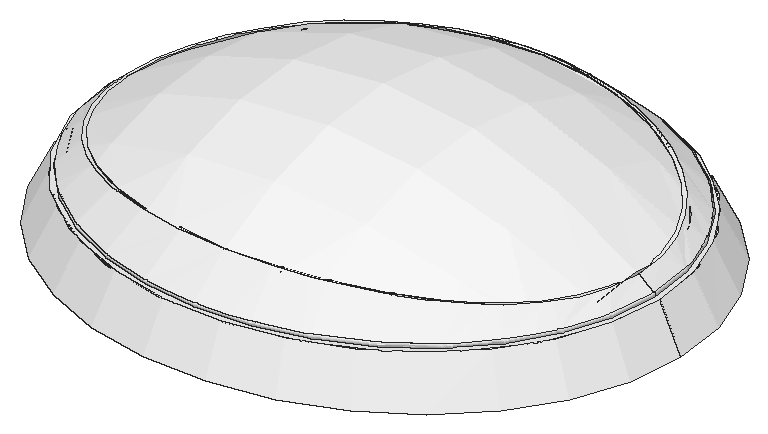
Revit family "4063811 Feilo Sylvania Lighting Fixtures BRIO IP65VR LED 4K SIL G2", category Lighting Fixtures, host Face, Revit 2017
Family settings
  Host = Face
  Round Connector Dimension = Use Diameter
  Part Type = Normal
  OmniClass Number = 23.80.70.00
  OmniClass Title = Lighting
  Cut with Voids When Loaded = No
  Light Source = Yes
  Shared = No
  Room Calculation Point = No
Parameters (values of type "4063811 BRIO IP65VR LED 4K SIL G2 High Output High Output")
  Weight = "3.0 kg"
  Wattage Comments = "n/a"
  Wattage = 17 W
  WarrantyStartDate [instance] = "n/a"
  WarrantyGuarantorParts = "n/a"
  WarrantyDurationUnit = "n/a"
  WarrantyDurationParts = "n/a"
  WarrantyDescription = "n/a"
  built-in parameter 1150110 = 1 (stored number, unit not read)
  Voltage = 230 V
  URL = "http://www.sylvania-lighting.com"
  TypeName = "BRIO IP65VR LED 4K SIL G2"
  Type Image = <None>
  Type Comments = "n/a"
  built-in parameter 1114217 = 1 (stored number, unit not read)
  Tilt Angle = -90.00°
  built-in parameter 1150109 = 1 (stored number, unit not read)
  built-in parameter 1150134 = 12
  built-in parameter 1150113 = 1 (stored number, unit not read)
  SerialNumber [instance] = "n/a"
  ReflectorMaterial = none
  PowerFactor = 0.98
  PowerConsumption = "17 W"
  Photometric Web File = "4063811-HO.ies"
  NominalLength = 104 mm
  NominalHeight = 440 mm
  NominalDepth = 390 mm
  Name = "BRIO IP65VR LED 4K SIL G2"
  ModelReference = Name  # "BRIO IP65VR LED 4K SIL G2"
  ModelNumber = "4063811"
  Model = Name  # "BRIO IP65VR LED 4K SIL G2"
  Material = "aluminium body, polycarbonate diffuser"
  ManufacturerName = "Feilo Sylvania"
  Manufacturer = "Feilo Sylvania"
  LuminousEfficacy = "81 lm/W"
  built-in parameter 1150105 = 109.58 (stored number, unit not read)
  Lumens = 1377 lm
  LuminaireType = ""
  built-in parameter 1150115 = 1 (stored number, unit not read)
  LightOutputRatio = "100"
  built-in parameter 1150137 = (empty or 0)
  built-in parameter 1150139 = (empty or 0)
  LampsType = Lamp  # "LED"
  LampNominalLuminous = "1371 lm"
  LampMacAdamStep = "n/a"
  LampColourTemperature = "4000 K"
  LampColourRenderingIndex = "80"
  built-in parameter 1150112 = 1 (stored number, unit not read)
  built-in parameter 1150114 = 1 (stored number, unit not read)
  Lamp = "LED"
  Keynote = "16500"
  InstallationDate [instance] = "n/a"
  InputVoltage = "230-240V~"
  InputNominalFrequency = "50/60 Hz"
  built-in parameter 1150132 = (empty or 0)
  built-in parameter 1150102 = (empty or 0)
  built-in parameter 1150107 = 4000 (stored number, unit not read)
  built-in parameter 1150138 = (empty or 0)
  IngressProtection = "IP65"
  ImpactProtectionIndex = "IK10"
  built-in parameter 1150106 = 1.0958 (stored number, unit not read)
  IfcExportType = "IfcLightFixtureType"
  IfcExportAs = "IfcLightFixtureType"
  ExpectedLife = 50000
  Emit from Circle Diameter = 300 mm
  Emit Shape Visible in Rendering = no
  ElectricShockClassification = "Class I"
  built-in parameter 1150104 = 7.5251 (stored number, unit not read)
  DurationUnit = "hours"
  DocumentationLiterature = "http://www.sylvania-lighting.com/product/en-int/products/4063811"
  DimmingControlOptions = "n/a"
  Dimming Lamp Color Temperature Shift = <None>
  DiffuserMaterial = Diffuser-Sylvania-BrioIP65VR-Opal
  Description = "Led exterior bulkhead, Unique feature allowing a choice between High Output or High Efficiency with the flick of a switch, die-cast aluminium body,  vandal resistant, 717/1371LM, 9/17W, 80/81lm/W, 4000K, Driver Current: 350/750mA, CRI80, Non dimmable, IP55,IK10, 50,000hrs (L70), (HxWxD) 358 x 408 x 104mm,  3kg, 3 step MacAdam ellipse,  RAL 9006, Class 1, 230V,  energy class: A++, A+, A"
  Default Elevation = 1219.2 mm
  CreatedOn = "23/11/2017"
  CreatedBy = ""
  Cost = 0
  Color Filter = 16777215
  built-in parameter 1114216 [instance] = (empty or 0)
  ClassificationValue = "EF_70_80"
  ClassificationName = "Uniclass2015"
  BodyMaterial = Body-Sylvania-BrioIP65VR-Silver
  BarCode [instance] = "n/a"
  built-in parameter 1114218 = 1 (stored number, unit not read)
  built-in parameter 1150133 = 10 (stored number, unit not read)
  AssetType = "Fixed"
  AssetIdentifier [instance] = "n/a"
  Assembly Code = "D5020200"
  Apparent Load = 17 VA
  AccessoryMaterial = none
Types (2, lengths in mm): name | Wattage | PowerConsumption | Photometric Web File | built-in parameter 1150105 | Lumens | LampNominalLuminous | built-in parameter 1150106 | Apparent Load
  4063811 BRIO IP65VR LED 4K SIL G2 High Output High Output | 17 W | "17 W" | "4063811-HO.ies" | 109.58 (stored number, unit not read) | 1377 lm | "1371 lm" | 1.0958 (stored number, unit not read) | 17 VA
  4063811 BRIO IP65VR LED 4K SIL G2 High Efficiency High Efficiency | 9 W | "9 W" | "4063811-HE.ies" | 58.012 (stored number, unit not read) | 729 lm | "717 lm" | 0.58012 (stored number, unit not read) | 9 VA
Reference planes
  plane 1 "Center (Front/Back)": y = 0
  plane 2: z = 0
  plane 3 "Center (Left/Right)": x = 0
  plane 4: x = 220
  plane 5: x = -220
  plane 6: y = 195
  plane 7: y = -195
  plane 8: z = 104
  plane 9: z = 32.5
  plane 10: z = 60
  plane 11: x = -172.7
  plane 12: x = -203.7
  plane 13: z = 45
  plane 14: y = -147.7
  plane 15: y = 147.7
  plane 16: z = 58.9
  plane 17: y = 146.8
  plane 18: y = -146.8
  plane 19: y = -148.7
  plane 20: y = 148.7
  plane 21: x = -193.7
Forms (mm)
  Blend 1, solid, material "Body-Sylvania-BrioIP65VR-Silver" <- "BodyMaterial"
    base sketch origin (0, 0, 0) x (1, 0, 0) y (0, 1, 0)
      loop
        spline (-220, 0) -> (-212.504, -50.47) -> (-190.526, -97.5) -> (-155.563, -137.886) -> (-110, -168.875) -> (-56.94, -188.356) -> (0, -195) -> (56.94, -188.356) -> (110, -168.875) -> (155.563, -137.886) -> (190.526, -97.5) -> (212.504, -50.47) -> (220, 0)
        spline (220, 0) -> (212.504, 50.47) -> (190.526, 97.5) -> (155.563, 137.886) -> (110, 168.875) -> (56.94, 188.356) -> (0, 195) -> (-56.94, 188.356) -> (-110, 168.875) -> (-155.563, 137.886) -> (-190.526, 97.5) -> (-212.504, 50.47) -> (-220, 0)
    top sketch origin (0, 0, 0) x (1, 0, 0) y (0, 1, 0)
      loop
        spline (-203.75, 0) -> (-196.807, -46.329) -> (-176.453, -89.5) -> (-144.073, -126.572) -> (-101.875, -155.019) -> (-52.734, -172.901) -> (0, -179) -> (52.734, -172.901) -> (101.875, -155.019) -> (144.073, -126.572) -> (176.453, -89.5) -> (196.807, -46.329) -> (203.75, 0)
        spline (203.75, 0) -> (196.807, 46.329) -> (176.453, 89.5) -> (144.073, 126.572) -> (101.875, 155.019) -> (52.734, 172.901) -> (0, 179) -> (-52.734, 172.901) -> (-101.875, 155.019) -> (-144.073, 126.572) -> (-176.453, 89.5) -> (-196.807, 46.329) -> (-203.75, 0)
    from 0 to 32.5
  Sweep 2, solid, material "Body-Sylvania-BrioIP65VR-Silver" <- "BodyMaterial"
    path in 3D
      loop
        spline (203.75, 0, 32.5) -> (196.807, -46.329, 32.5) -> (176.453, -89.5, 32.5) -> (144.073, -126.572, 32.5) -> (101.875, -155.019, 32.5) -> (52.734, -172.901, 32.5) -> (0, -179, 32.5) -> (-52.734, -172.901, 32.5) -> (-101.875, -155.019, 32.5) -> (-144.073, -126.572, 32.5) -> (-176.453, -89.5, 32.5) -> (-196.807, -46.329, 32.5) -> (-203.75, 0, 32.5)
        spline (-203.75, 0, 32.5) -> (-196.807, 46.329, 32.5) -> (-176.453, 89.5, 32.5) -> (-144.073, 126.572, 32.5) -> (-101.875, 155.019, 32.5) -> (-52.734, 172.901, 32.5) -> (0, 179, 32.5) -> (52.734, 172.901, 32.5) -> (101.875, 155.019, 32.5) -> (144.073, 126.572, 32.5) -> (176.453, 89.5, 32.5) -> (196.807, 46.329, 32.5) -> (203.75, 0, 32.5)
    profile origin (-203.75, 0, 32.5) x (-1, 0, 0) y (0, 0, 1)
      loop
        line (-31.05, 27.5) -> (-32.113, 26.437) -> (-10.05, 6.897) -> (-10.05, 1.5) -> (-31.05, 1.5) -> (-31.05, 0) -> (-5.172, 0)
        arc (-5.172, 0) -> (-3.338, 1.266) -> (-3.872, 3.429) r 1.961
        line (-3.872, 3.429) -> (-31.05, 27.5)
  Extrusion 3, void
    sketch origin (0, 0, 0) x (0, 1, 0) y (0, 0, 1)
      loop
        arc (-148.7, 60) -> (0, 45) -> (148.7, 60) r 744.556
        line (148.7, 60) -> (-148.7, 60)
    from -220 to 220
  Sweep 4, solid, material "Diffuser-Sylvania-BrioIP65VR-Opal" <- "DiffuserMaterial"
    path in 3D
      loop
        arc (0, 146.8, 58.9) -> (0, 0, 104) -> (0, -146.8, 58.9) r 261.466
    profile origin (0, 0, 104) x (0, 0, -1) y (1, 0, 0)
      loop
        line (59, -187.374) -> (61.459, -185.655)
        arc (61.459, -185.655) -> (3, 0) -> (61.459, 185.655) r 324.034
        line (61.459, 185.655) -> (59, 187.374)
        arc (59, 187.374) -> (0, 0) -> (59, -187.374) r 327.034
  Extrusion 5, void
    sketch origin (0, 0, 0) x (1, 0, 0) y (0, 1, 0)
      loop
        spline (-193.7, 0) -> (-187.1, -38.486) -> (-167.749, -74.35) -> (-136.967, -105.147) -> (-96.85, -128.778) -> (-50.133, -143.633) -> (0, -148.7) -> (50.133, -143.633) -> (96.85, -128.778) -> (136.967, -105.147) -> (167.749, -74.35) -> (187.1, -38.486) -> (193.7, 0)
        spline (193.7, 0) -> (187.1, 38.486) -> (167.749, 74.35) -> (136.967, 105.147) -> (96.85, 128.778) -> (50.133, 143.633) -> (0, 148.7) -> (-50.133, 143.633) -> (-96.85, 128.778) -> (-136.967, 105.147) -> (-167.749, 74.35) -> (-187.1, 38.486) -> (-193.7, 0)
      loop
        line (-203.7, 195) -> (-203.7, -195) -> (220, -195) -> (220, 195) -> (-203.7, 195)
    from 0 to 60
Cuts and joins
  Extrusion 3 cuts Sweep 2
  Extrusion 5 cuts Sweep 4
Lines and regions (mm)
  sketch lines
    curve 1: spline (-203.75, 0, 32.5) -> (-196.807, 46.329, 32.5) -> (-176.453, 89.5, 32.5) -> (-144.073, 126.572, 32.5) -> (-101.875, 155.019, 32.5) -> (-52.734, 172.901, 32.5) -> (0, 179, 32.5) -> (52.734, 172.901, 32.5) -> (101.875, 155.019, 32.5) -> (144.073, 126.572, 32.5) -> (176.453, 89.5, 32.5) -> (196.807, 46.329, 32.5) -> (203.75, 0, 32.5)
    curve 2: spline (203.75, 0, 32.5) -> (196.807, -46.329, 32.5) -> (176.453, -89.5, 32.5) -> (144.073, -126.572, 32.5) -> (101.875, -155.019, 32.5) -> (52.734, -172.901, 32.5) -> (0, -179, 32.5) -> (-52.734, -172.901, 32.5) -> (-101.875, -155.019, 32.5) -> (-144.073, -126.572, 32.5) -> (-176.453, -89.5, 32.5) -> (-196.807, -46.329, 32.5) -> (-203.75, 0, 32.5)
    curve 4: arc (0, 146.8, 58.9) -> (0, 0, 104) -> (0, -146.8, 58.9) r 261.466
  reference lines
    curve 3: arc (0, 146.8, 58.9) -> (0, 0, 104) -> (0, -146.8, 58.9) r 261.466
Dimensions and locks
  equal spacing: plane 5, plane 3 "Center (Left/Right)", plane 4
  locked: plane 5 to plane 4 at 440
  equal spacing: plane 7, plane 1 "Center (Front/Back)", plane 6
  locked: plane 7 to plane 6 at 390
  locked: plane 8 to plane 2 at 104
  plane 9 to plane 2 = 32.5 mm
  locked: Blend 1 sketch curve to Blend 1 sketch curve at 195
  locked: Blend 1 sketch curve to Blend 1 sketch curve at 220
  locked: Blend 1 sketch curve to Blend 1 sketch curve at 203.75
  locked: Blend 1 sketch curve to Blend 1 sketch curve at 179
  locked: plane 10 to plane 9 at 27.5
  locked: plane 12 to plane 5 at 16.3
  locked: plane 11 to plane 5 at 47.3
  locked: plane 10 to plane 13 at 15
  equal spacing: plane 14, plane 1 "Center (Front/Back)", plane 15
  locked: plane 7 to plane 14 at 47.3
  locked: Sweep 2 sketch curve to Sweep 2 sketch curve at 1.5
  locked: Sweep 2 sketch curve to plane 9 at 1.5
  locked: plane 16 to plane 10 at 1.1
  equal spacing: plane 18, plane 1 "Center (Front/Back)", plane 17
  locked: plane 14 to plane 18 at 0.9
  locked: plane 2 to curve 3 at 157.466
  equal spacing: plane 19, plane 1 "Center (Front/Back)", plane 20
  locked: plane 19 to plane 14 at 1
  locked: Extrusion 3 sketch curve to plane 2 at 789.556
  locked: plane 21 to plane 12 at 10
  aligned and locked: plane 2 to host face
  aligned and locked: level to host face
  aligned and locked: plane 3 "Center (Left/Right)" to Blend 1 sketch curve  (x2)
  aligned and locked: plane 1 "Center (Front/Back)" to Blend 1 sketch curve  (x4)
  aligned and locked: Blend 1 to plane 9
  aligned and locked: Sweep 2 sketch curve to profile plane
  aligned and locked: plane 4 to Extrusion 3
  aligned and locked: plane 10 to Sweep 2 sketch curve
  aligned and locked: plane 17 to curve 3
  aligned and locked: plane 16 to curve 3  (x2)
  aligned and locked: plane 18 to curve 3
  aligned and locked: plane 13 to Sweep 4 sketch curve
  aligned and locked: plane 10 to Extrusion 3 sketch curve
  aligned and locked: plane 20 to Extrusion 3 sketch curve
  aligned and locked: plane 19 to Extrusion 3 sketch curve
  aligned and locked: plane 1 "Center (Front/Back)" to Extrusion 3 sketch curve
  aligned and locked: Extrusion 3 to plane 5
  aligned and locked: imposter light to plane 8
  aligned and locked: plane 3 "Center (Left/Right)" to imposter light
  aligned and locked: imposter light to plane 1 "Center (Front/Back)"
  aligned and locked: plane 21 to Sweep 2 sketch curve
  aligned and locked: Sweep 2 sketch curve to plane 21
  aligned and locked: plane 3 "Center (Left/Right)" to Extrusion 5 sketch curve
  aligned and locked: plane 1 "Center (Front/Back)" to Extrusion 5 sketch curve  (x2)
  aligned and locked: plane 6 to Extrusion 5 sketch curve
  aligned and locked: Extrusion 5 sketch curve to plane 7
  aligned and locked: Extrusion 5 sketch curve to plane 4
  aligned and locked: plane 12 to Extrusion 5 sketch curve
  aligned and locked: Extrusion 5 to level
  aligned and locked: Extrusion 5 to plane 10
Automatic sketch dimensions
  host sketch curve to host sketch curve = 2438.4 mm  (x2)
  Sweep 4 sketch curve to Sweep 4 sketch curve = 0 mm  (x2)
  Sweep 4 sketch curve to profile plane = 0 mm
  Sweep 4 sketch curve to Sweep 4 sketch curve = 2.459 mm  (x2)
  Sweep 4 sketch curve to Sweep 4 sketch curve = 265.575 mm
  Sweep 4 sketch curve to profile plane = 185.655 mm
  Sweep 4 sketch curve to Sweep 4 sketch curve = 1.719 mm
  Sweep 4 sketch curve to profile plane = 59 mm
  Sweep 2 sketch curve to Sweep 2 sketch curve = 21 mm
  Sweep 2 sketch curve to Sweep 2 sketch curve = 0 mm
  profile plane to Sweep 2 sketch curve = 26.437 mm
  Sweep 2 sketch curve to Sweep 2 sketch curve = 1.063 mm
  profile plane to Sweep 2 sketch curve = 1.961 mm
  profile plane to Sweep 2 sketch curve = 3.429 mm
  Extrusion 5 sketch curve to plane 21 = 0 mm
Connectors
  electrical at (0, 0, 0), driven by "Apparent Load", driven by "PowerFactor", driven by "Voltage"
    settings: index 1, voltage 230 V, apparent load 17 VA, apparent load phase1 0 VA, apparent load phase2 0 VA, apparent load phase3 0 VA, power factor 0.98, load classification "Lighting", number of poles 1, system type 30, power factor state 1, is connector primary yes, connector utility no, sub classification motor no, connector description ""
